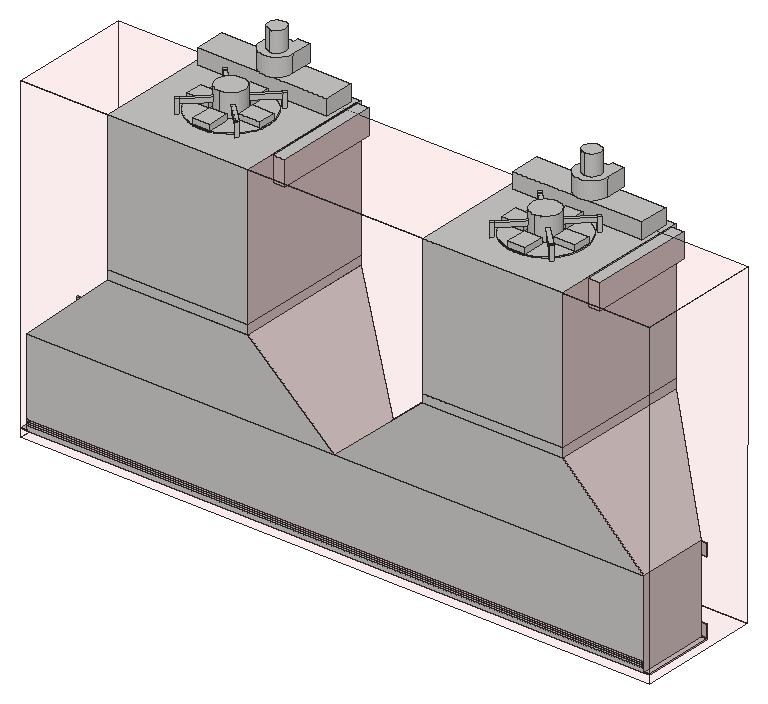
Revit family "Air-Curtain_Climate-Control_PoweredAire_TIG-2Heater", category Mechanical Equipment, host Face, Revit 2020
Family settings
  Host = Face
  Round Connector Dimension = Use Diameter
  Part Type = Normal
  OmniClass Number = 23.75.35.17.21
  OmniClass Title = Air Curtains
  Cut with Voids When Loaded = No
  Shared = No
  Room Calculation Point = No
Parameters (values of type "144'' Nozzle")
  upperrotation [instance] = 0.00°
  lowerrotation [instance] = 0.00°
  locateupperpipe [instance] = 0' - 0"
  locatelowerpipe [instance] = 0' - 0"
  Warranty Duration (Years) = 0
  Unit Width Notes = "Other Widths available."  # constant formula
  Unit Width = 12' - 3 7/32"
  Unit Weight = 1000
  Unit Height = 1' - 4 3/4"
  Unit Depth = 1' - 8 1/4"
  URL = "http://www.poweredaire.com/"
  Test Data = ""
  Standards Conformance = "ETL  ;  Made in USA"
  Specification = "http://www.arcat.com/sdspecs/htm04/23_34_33pai.htm"
  SpecWizard = ""
  Sound Pressure = ">63 dBA"
  Sales Information = "http://www.poweredaire.com/contact_us"
  Revision = "R1_2016-08"
  Projection from Host [instance] = 0' - 2"
  Product Properties = ""
  Product Data = "http://www.arcat.com/arcatcos/cos47/arc47623.html"
  Power Rating = 0 W
  Piping_Water Flow [instance] = 0 GPM
  Piping_Operating Pressure [instance] = 0.00 psi
  Piping_Exit Temperature [instance] = 0 °F
  Piping_Entry Temperature [instance] = 0 °F
  Pipe OD [instance] = 5/8"
  Overall Depth = 6' - 0 3/4"
  Nozzle Width = if(1 = 1, Unit Width - 0' 3", 0' 0")  # 12' - 0 7/32"
  Mounting Width = if(1 = 1, Unit Width - 0' 1 1/2", 0' 0")  # 12' - 1 23/32"
  Mounting Height [instance] = 3' - 6"
  Motor RPM = 1630
  Motor HP = 0.75
  Motor Count = 4
  Model = "TIG-4-144"
  Max Height = 12' - 0"
  Manufacturer Website = "http://www.poweredaire.com/"
  Manufacturer Phone - Toll Free = "888-321-2473"
  Manufacturer Phone = "724-588-3305"
  Manufacturer Fax = "724-588-3371"
  Manufacturer Address = "109 Mortensen Rd.  Greenville, PA 16125"
  Manufacturer = "Powered Aire, Inc"
  Maintenance Schedule (Months) = 0
  Keynote = "23 34 33"
  Installation-Fabrication = ""
  Installation Phase = ""
  Include Clearance [instance] = yes
  Heating Element Load = 0 W
  Heater Weight = 0
  Heater Hanging Width = 2' - 6 5/8"
  Heater Finish [instance] = Metal - Steel - PoweredAire - Stainless 304
  HVAC_Temperature Rise = 36 °F
  HVAC_Primary CFM = 0 CFM
  HVAC_Outlet Volume = 10200 CFM
  HVAC_Outlet Velocity Uniformity = 0.95
  HVAC_Outlet Velocity = 3700 FPM
  HVAC_Exit Temperature [instance] = 0 °F
  HVAC_BTU Output = 400000.0 Btu/h
  HVAC_BTU Input = 250000.0 Btu/h
  Green Building-LEED = "http://www.arcat.com/green/clients/leed_data_47623.html"
  Gas Connection Diameter [instance] = 0"
  Frame Finish [instance] = Metal - Steel - PoweredAire - Stainless 304
  Expected Lifespan (Years) = 0
  Exhaust Connection Diameter = 0' - 5"
  Electrical_Wattage [instance] = Power Rating + Heating Element Load  # 0 W
  Electrical_Voltage [instance] = 0 V
  Electrical_Phase [instance] = 1
  Electrical_Frequency [instance] = 0 Hz
  Electrical_Amperage [instance] = 0 A
  Drawn By = "Sumex Design, Inc. / Robert S. Weygant, CSI, CDT, SCIP"
  Description = "Powered Aire Indirect Gas Heated Climate Control Air Curtain - TIG-4-144 as Specified"
  Default Elevation = 0' - 0"  # constant formula
  Copyright = "©Arcat Inc."
  Construction Details = "http://www.arcat.com/details/powair/prod3336.html"
  Clearance_Top [instance] = 1' - 0"
  Clearance_Side B [instance] = 0' - 0"
  Clearance_Side A [instance] = 0' - 0"
  Clearance_Intake [instance] = 0' - 0"
  Clearance_Bottom [instance] = 0' - 0"
  Clearance Material [instance] = ARCAT Clearance
  Building Codes = ""
  Available Options [instance] = "as Specified"
  Assembly Code = "D3090400"
Types (3): name | Unit Width | Unit Weight | Nozzle Width | Mounting Width | Motor Count | Model | HVAC_Temperature Rise | HVAC_Outlet Volume | HVAC_Outlet Velocity Uniformity | HVAC_Outlet Velocity | HVAC_BTU Output | HVAC_BTU Input | Description
  144'' Nozzle | 12' - 3 7/32" | 1000 | 12' - 0 7/32" | 12' - 1 23/32" | 4 | "TIG-4-144" | 36 °F | 10200 CFM | 0.95 | 3700 FPM | 400000.0 Btu/h | 250000.0 Btu/h | "Powered Aire Indirect Gas Heated Climate Control Air Curtain - TIG-4-144 as Specified"
  132'' Nozzle | 11' - 3 5/32" | 830 | 11' - 0 5/32" | 11' - 1 21/32" | 3 | "TIG-3-132" | 39 °F | 7600 CFM | 0.94 | 2800 FPM | 320000.0 Btu/h | 200000.0 Btu/h | "Powered Aire Indirect Gas Heated Climate Control Air Curtain - TIG-3-132 as Specified"
  120'' Nozzle | 10' - 3 5/32" | 680 | 10' - 0 5/32" | 10' - 1 21/32" | 3 | "TIG-3-120" | 39 °F | 7600 CFM | 0.95 | 3200 FPM | 320000.0 Btu/h | 200000.0 Btu/h | "Powered Aire Indirect Gas Heated Climate Control Air Curtain - TIG-3-120 as Specified"
Reference planes (in)
  plane 1 "Center (Elevation)": y = 0.13818
  plane 2: z = 0
  plane 3 "Center (Left/Right)": x = 0
  plane 4 "Top": y = 8.51318
  plane 5: y = -8.23682
  plane 6: x = -73.60937
  plane 7: x = 73.60938
  plane 8 "Front": z = 22.25
  plane 9 "FF": y = -41.86182
  plane 10: z = 2
  plane 11: x = 72.10937
  plane 12: x = -72.10937
  plane 13: y = 20.51318
  plane 14: y = -8.23682
  plane 15: x = -73.60937
  plane 16: x = 73.60938
  plane 17: z = 74.75
  plane 18: x = 72.04688
  plane 19: x = -72.04687
  plane 20: x = 72.10937
  plane 21: x = 72.10937
  plane 22: y = 6.01318
  plane 23: y = -5.73682
  plane 24: z = 74.75
  plane 25: z = 42.25
  plane 26: z = 40.25
  plane 27: x = -52.11719
  plane 28: x = -21.49219
  plane 29: x = -53.17969
  plane 30: x = -20.42969
  plane 31: x = 21.49219
  plane 32: x = 52.11719
  plane 33: x = 20.42969
  plane 34: x = 53.17969
  plane 35: x = -36.80469
  plane 36: x = 36.80469
Forms (in)
  Extrusion 1, solid, material "Metal - Steel - PoweredAire - Stainless 304" <- "Frame Finish"
    sketch origin (0, 0, 0) x (0, 1, 0) y (0, 0, 1)
      loop
        line (-8.23682, 2) -> (8.51318, 2) -> (8.51318, 22.25) -> (-8.23682, 22.25) -> (-8.23682, 2)
    from -72.10937 to 72.10937
  Extrusion 2, solid, material "ARCAT Clearance" <- "Clearance Material", visible <- "Include Clearance"
    sketch origin (0, 0, 0) x (0, 1, 0) y (0, 0, 1)
      loop
        line (-8.23682, 74.75) -> (-8.23682, 0) -> (20.51318, 0) -> (20.51318, 74.75) -> (-8.23682, 74.75)
    from -73.60938 to 73.60937
  Extrusion 3, solid, material "Metal - Steel - PoweredAire - Stainless 304" <- "Frame Finish"
    sketch origin (-15.17702, -180, 2) x (-1, 0, 0) y (0, -1, 0)
      loop
        line (-87.2864, -188.51318) -> (-87.2864, -171.76318) -> (-88.7864, -171.76318) -> (-88.7864, -188.51318) -> (-87.2864, -188.51318)
      loop
        line (56.93235, -188.51318) -> (58.43235, -188.51318) -> (58.43235, -171.76318) -> (56.93235, -171.76318) -> (56.93235, -188.51318)
    from 0 to 0.125
  Extrusion 4, solid, material "Metal - Steel - PoweredAire - Stainless 304" <- "Frame Finish"
    sketch origin (-11.83813, 8.51318, 48) x (-1, 0, 0) y (0, 0, 1)
      loop
        line (-83.9475, -45.5) -> (-83.9475, -42.75) -> (-85.4475, -42.75) -> (-85.4475, -45.5) -> (-83.9475, -45.5)
      loop
        line (-83.9475, -28.5) -> (-83.9475, -25.75) -> (-85.4475, -25.75) -> (-85.4475, -28.5) -> (-83.9475, -28.5)
      loop
        line (60.27125, -45.5) -> (61.77125, -45.5) -> (61.77125, -42.75) -> (60.27125, -42.75) -> (60.27125, -45.5)
      loop
        line (60.27125, -28.5) -> (61.77125, -28.5) -> (61.77125, -25.75) -> (60.27125, -25.75) -> (60.27125, -28.5)
    from 0 to -0.125
  Extrusion 5, void
    sketch origin (0, 0, 0) x (0, 1, 0) y (0, 0, 1)
      loop
        line (-8.23682, 3) -> (-7.23682, 3) -> (-7.23682, 4.5) -> (-8.23682, 4.5) -> (-8.23682, 3.82425) -> (-7.38364, 3.82425) -> (-7.38364, 3.57425) -> (-8.23682, 3.57425) -> (-8.23682, 3)
    from -72.04687 to 72.04687
  Blend 6, solid, material "Metal - Steel - PoweredAire - Stainless 304" <- "Frame Finish"
    base sketch origin (-15.17702, -180, 22.25) x (-1, 0, 0) y (0, -1, 0)
      loop
        line (56.93235, -188.51318) -> (56.93235, -171.76318) -> (-15.17702, -171.76318) -> (-15.17702, -188.51318) -> (56.93235, -188.51318)
    top sketch origin (-15.17702, -180, 22.25) x (-1, 0, 0) y (0, -1, 0)
      loop
        line (38.00267, -171.76318) -> (5.25267, -171.76318) -> (5.25267, -204.76318) -> (38.00267, -204.76318) -> (38.00267, -171.76318)
    from 0 to 18
  Blend 7, solid, material "Metal - Steel - PoweredAire - Stainless 304" <- "Frame Finish"
    base sketch origin (15.17702, -180, 22.25) x (1, 0, 0) y (0, 1, 0)
      loop
        line (56.93235, 188.51318) -> (-15.17702, 188.51318) -> (-15.17702, 171.76318) -> (56.93235, 171.76318) -> (56.93235, 188.51318)
    top sketch origin (15.17702, -180, 22.25) x (1, 0, 0) y (0, 1, 0)
      loop
        line (38.00267, 171.76318) -> (38.00267, 204.76318) -> (5.25267, 204.76318) -> (5.25267, 171.76318) -> (38.00267, 171.76318)
    from 0 to 18
Cuts and joins
  Extrusion 5 cuts Extrusion 1
Dimensions and locks (in)
  equal spacing: plane 4 "Top", plane 1 "Center (Elevation)", plane 5
  "Unit Height": plane 4 "Top" to plane 5
  "Unit Width": plane 6 to plane 7
  "Mounting Height": plane 1 "Center (Elevation)" to plane 9 "FF"
  "Projection from Host": plane 10 to level
  "Unit Depth": plane 8 "Front" to plane 10
  locked: plane 6 to plane 12 at 1.5
  locked: plane 11 to plane 7 at 1.5
  "Clearance_Side A": plane 7 to plane 16
  "Clearance_Side B": plane 15 to plane 6
  "Clearance_Top": plane 13 to plane 4 "Top"
  "Clearance_Bottom": plane 5 to plane 14
  "Clearance_Intake": plane 17 to plane 24
  Extrusion 5 sketch curve to Extrusion 5 sketch curve to Extrusion 5 sketch curve to Extrusion 5 sketch curve to plane 10 = 0' - 0.67575" locked, 0' - 0 1/4" locked, 0' - 0.57425" locked, 0' - 1" locked
  plane 5 to Extrusion 5 sketch curve to Extrusion 5 sketch curve = 0' - 0.85319" locked, 0' - 0.14681" locked
  locked: plane 19 to plane 12 at 0.0625
  locked: plane 11 to plane 18 at 0.0625
  "locateupperpipe": plane 20 to plane 11
  "locatelowerpipe": plane 21 to plane 11
  locked: plane 4 "Top" to plane 22 at 2.5
  locked: plane 23 to plane 5 at 2.5
  "Overall Depth": plane 24 to plane 10
  locked: plane 25 to plane 26 at 2
  locked: plane 24 to plane 25 at 32.5
  locked: Blend 6 sketch curve to plane 5 at 33
  Extrusion 4 sketch curve to Extrusion 4 sketch curve to plane 10 = 0' - 2 3/4" locked, 0' - 0 1/2" locked  (x2)
  plane 8 "Front" to Extrusion 4 sketch curve to Extrusion 4 sketch curve = 0' - 0" locked, 0' - 2 3/4" locked  (x2)
  locked: plane 28 to plane 30 at 1.0625
  locked: plane 29 to plane 27 at 1.0625
  locked: plane 32 to plane 34 at 1.0625
  locked: plane 33 to plane 31 at 1.0625
  equal spacing: plane 6, plane 35, plane 3 "Center (Left/Right)", plane 36, plane 7
  equal spacing: plane 27, plane 35, plane 28
  "Heater Hanging Width": plane 27 to plane 28
  equal spacing: plane 31, plane 36, plane 32
  "Heater Hanging Width": plane 31 to plane 32
  locked: Blend 7 sketch curve to plane 5 at 33
  aligned and locked: plane 2 to host face
  aligned and locked: level to host face
  aligned and locked: Extrusion 2 sketch curve to plane 17
  aligned and locked: plane 14 to Extrusion 2 sketch curve
  aligned and locked: level to Extrusion 2 sketch curve
  aligned and locked: Extrusion 2 sketch curve to plane 13
  aligned and locked: plane 16 to Extrusion 2
  aligned and locked: Extrusion 2 to plane 15
  aligned and locked: plane 11 to Extrusion 1
  aligned and locked: Extrusion 1 to plane 12
  aligned and locked: Extrusion 1 sketch curve to plane 8 "Front"
  aligned and locked: plane 24 to nested 1
  aligned and locked: plane 5 to Blend 6 sketch curve
  aligned and locked: plane 12 to Blend 6 sketch curve
  aligned and locked: Blend 6 sketch curve to plane 4 "Top"
  aligned and locked: Blend 6 sketch curve to plane 5
  aligned and locked: plane 26 to Blend 6
  aligned and locked: plane 35 to nested 1
  aligned and locked: plane 36 to nested 2
  aligned and locked: plane 24 to nested 2
  aligned and locked: Blend 6 sketch curve to plane 3 "Center (Left/Right)"
  aligned and locked: Blend 6 sketch curve to plane 29
  aligned and locked: plane 30 to Blend 6 sketch curve
  aligned and locked: Blend 7 sketch curve to plane 5  (x2)
  aligned and locked: Blend 7 sketch curve to plane 3 "Center (Left/Right)"
  aligned and locked: plane 11 to Blend 7 sketch curve
  aligned and locked: Blend 7 sketch curve to plane 4 "Top"
  aligned and locked: plane 33 to Blend 7 sketch curve
  aligned and locked: Blend 7 sketch curve to plane 34
  aligned and locked: plane 18 to cut or joined group of Extrusion 1, Extrusion 5
  aligned and locked: cut or joined group of Extrusion 1, Extrusion 5 to plane 19
Automatic sketch dimensions
  host sketch curve to host sketch curve = 8' - 0"  (x2)
  Extrusion 1 sketch curve to plane 5 = 0' - 0"
  Extrusion 1 sketch curve to plane 4 "Top" = 0' - 0"
  Extrusion 1 sketch curve to plane 10 = 0' - 0"
  plane 4 "Top" to Extrusion 3 sketch curve = 0' - 0"
  Extrusion 3 sketch curve to plane 7 = 0' - 0"
  plane 5 to Extrusion 3 sketch curve = 0' - 0"
  Extrusion 3 sketch curve to plane 11 = 0' - 0"
  Extrusion 3 sketch curve to plane 4 "Top" = 0' - 0"
  Extrusion 3 sketch curve to plane 12 = 0' - 0"
  Extrusion 3 sketch curve to plane 6 = 0' - 0"
  Extrusion 3 sketch curve to plane 5 = 0' - 0"
  Extrusion 4 sketch curve to plane 7 = 0' - 0"  (x2)
  Extrusion 4 sketch curve to plane 11 = 0' - 0"  (x2)
  Extrusion 4 sketch curve to plane 12 = 0' - 0"  (x2)
  Extrusion 4 sketch curve to plane 6 = 0' - 0"  (x2)
  Extrusion 5 sketch curve to plane 5 = 0' - 0"  (x2)
Nested families (in)
  nested 1: "Heater" at (-36.80469, -8.23682, 42.2987) x (1, 0, 0) z (0, 1, 0), finish <- "Heater Finish", burner width <- "Heater Hanging Width", type "Heater"
    with finish Metal - Steel - PoweredAire - Stainless 304, burner width 2' - 6 5/8", Two Fan no, One Fan yes
  nested 2: "Heater" at (36.80469, -8.23682, 42.2987) x (1, 0, 0) z (0, 1, 0), finish <- "Heater Finish", burner width <- "Heater Hanging Width", type "Heater"
    with finish Metal - Steel - PoweredAire - Stainless 304, burner width 2' - 6 5/8", Two Fan no, One Fan yes
Connectors (in)
  electrical at (-72.10937, 0.13818, 12.125), driven by "Electrical_Voltage", driven by "Electrical_Phase"
    settings: on cut or joined group of Extrusion 1, Extrusion 5, index 3, voltage 0 V, apparent load 0 VA, apparent load phase1 0 VA, apparent load phase2 0 VA, apparent load phase3 0 VA, power factor 1, load classification "Motor", number of poles 1, system type 31, power factor state 1, is connector primary yes, connector utility no, sub classification motor no, connector description ""
  hvac at (-33.80469, 24.76318, 80.40625), driven by "Exhaust Connection Diameter", driven by "HVAC_Primary CFM"
    settings: on nested 1, index 4, duct flow 0 CFM, flow factor 0, pres drop 0.00 in-wg, loss coef 0, conn angle 0.00°, conn width 12", conn height 12", conn diameter 5", duct sys type 3, conn prof type 0, flow config 0, flow direction 2, loss method 0, conn ref index -1, conn util no, is conn primary yes, conn desc ""
  hvac at (39.80469, 24.76318, 80.40625), driven by "HVAC_Primary CFM", driven by "Exhaust Connection Diameter"
    settings: on nested 2, index 5, duct flow 0 CFM, flow factor 0, pres drop 0.00 in-wg, loss coef 0, conn angle 0.00°, conn width 12", conn height 12", conn diameter 5", duct sys type 3, conn prof type 0, flow config 0, flow direction 2, loss method 0, conn ref index -1, conn util no, is conn primary no, conn desc ""
Definition of nested family "Heater"
  Parameters
    finish [instance] = none
    burner width [instance] = 4' - 0 5/8"
    burner depth = 3' - 8 3/4"
    Two Fan [instance] = burner width > 4' 0"  # yes
    One Fan [instance] = burner width < 4' 0"  # no
    Default Elevation = 0' - 0"  # constant formula
  Reference planes (in)
    plane 1 "Center (Front/Back)": y = 0
    plane 2: z = 0
    plane 3 "Center (Left/Right)": x = 0
    plane 4: x = -25.375
    plane 5: x = 25.375
    plane 6: z = 33
    plane 7: y = -44.75
    plane 8: x = 3
    plane 9: x = 4.375
    plane 10: x = -12.6875
    plane 11: x = 12.6875
    plane 12: z = 15.5
    plane 13: x = -24.3125
    plane 14: x = 24.3125
  Forms (in)
    Extrusion 1, solid, material <- "finish"
      sketch origin (-74.94554, -3, 38.65968) x (0, 0, 1) y (1, 0, 0)
        loop
          line (-5.65968, 49.57054) -> (-5.65968, 100.32054) -> (-38.65968, 100.32054) -> (-38.65968, 49.57054) -> (-5.65968, 49.57054)
      from 3 to -29.4513
    Extrusion 2, solid, material <- "finish"
      sketch origin (0, 0, 0) x (0, 1, 0) y (0, 0, 1)
        loop
          line (2, 0) -> (2, 33) -> (0, 33) -> (0, 0) -> (2, 0)
      from -25.375 to 25.375
    Extrusion 3, solid, material <- "finish"
      sketch origin (-74.94554, -32.4513, 38.65968) x (0, 0, 1) y (1, 0, 0)
        loop
          line (-6.91591, 50.82971) -> (-6.91591, 99.10844) -> (-13.91591, 99.10844) -> (-13.91591, 50.82971) -> (-6.91591, 50.82971)
      from 0 to -3.625
    Extrusion 4, solid, material <- "finish"
      sketch origin (-74.94554, -36.0763, 38.65968) x (0, 0, 1) y (1, 0, 0)
        loop
          arc (-10.4052, 79.32054) -> (-12.67312, 72.60509) -> (-6.79809, 76.57054) r 3.74068
          line (-6.79809, 76.57054) -> (-5.65968, 76.57054) -> (-5.65968, 79.32054) -> (-10.4052, 79.32054)
      from 0 to -4.0625
    Extrusion 5, solid, material <- "finish"
      sketch origin (-73.58006, -40.1388, 35.52564) x (0, 0, -1) y (1, 0, 0)
        loop
          circle (7.27116, 74.21438) r 2
      from 4.6112 to 0
    Extrusion 6, solid, material <- "finish"
      sketch origin (0, 0, 0) x (1, 0, 0) y (0, 1, 0)
        loop
          line (28.3125, -32.4513) -> (28.3125, -26.7013) -> (25.3125, -26.7013) -> (25.3125, -32.4513) -> (28.3125, -32.4513)
      from 7.25 to 31.75
    Extrusion 7, solid, material <- "finish", visible <- "Two Fan"
      sketch origin (0, 0, 0) x (0, 1, 0) y (0, 0, 1)
        loop
          line (-32.4513, 6.22268) -> (-44.15658, 5.1986) -> (-44.15658, 4.4486) -> (-32.4513, 4.85736) -> (-32.4513, 6.22268)
      from -25.375 to 25.375
  Dimensions and locks (in)
    locked: Extrusion 4 sketch curve to Extrusion 4 sketch curve at 2.75
    "burner width": plane 13 to plane 14
    locked: plane 6 to level at 33
    "burner depth": plane 7 to plane 1 "Center (Front/Back)"
    locked: plane 8 to plane 9 at 1.375
    Extrusion 4 sketch curve to Extrusion 4 sketch curve to plane 8 = 0' - 0.99068" locked, 0' - 1 3/8" locked
    locked: Extrusion 5 sketch curve to plane 8 at 2.36568
    locked: plane 8 to plane 3 "Center (Left/Right)" at 3
    Extrusion 6 sketch curve to plane 5 to Extrusion 6 sketch curve = 0' - 0 1/16" locked, 0' - 2 15/16" locked
    equal spacing: plane 5, plane 11, plane 3 "Center (Left/Right)", plane 10, plane 4
    locked: plane 4 to plane 13 at 1.0625
    locked: plane 14 to plane 5 at 1.0625
    aligned and locked: plane 2 to level
    aligned: Extrusion 4 to Extrusion 5
    aligned: Extrusion 3 to Extrusion 2  (x2)
    aligned and locked: plane 7 to Extrusion 5
    aligned and locked: plane 4 to Extrusion 1 sketch curve
    aligned and locked: Extrusion 1 sketch curve to plane 5
    aligned and locked: Extrusion 7 to plane 4
    aligned and locked: plane 5 to Extrusion 7
    aligned and locked: plane 12 to nested 1
    aligned and locked: plane 3 "Center (Left/Right)" to nested 1
    aligned and locked: plane 12 to nested 3
    aligned and locked: plane 11 to nested 3
    aligned and locked: plane 10 to nested 2
    aligned and locked: plane 12 to nested 2
    aligned and locked: plane 5 to Extrusion 2
    aligned and locked: Extrusion 2 to plane 4
  Automatic sketch dimensions
    Extrusion 1 to Extrusion 3 sketch curve = 0' - 1.25917"
    Extrusion 1 to Extrusion 3 sketch curve = 0' - 8.25624"
    Extrusion 1 to Extrusion 3 sketch curve = 0' - 1.2121"
    Extrusion 1 to Extrusion 3 sketch curve = 0' - 1.25624"
    Extrusion 4 sketch curve to Extrusion 3 = 0' - 0.11782"
    Extrusion 4 sketch curve to Extrusion 3 = 0' - 1.25624"
    Extrusion 5 sketch curve to Extrusion 4 = 0' - 4.74552"
    Extrusion 1 sketch curve to level = 0' - 0"
    Extrusion 1 sketch curve to plane 6 = 0' - 0"
    Extrusion 2 sketch curve to level = 0' - 0"
    Extrusion 2 sketch curve to plane 1 "Center (Front/Back)" = 0' - 0"
    Extrusion 2 sketch curve to plane 6 = 0' - 0"
    Extrusion 2 sketch curve to Extrusion 2 sketch curve = 0' - 2"
    Extrusion 6 sketch curve to plane 7 = 1' - 0.2987"
    Extrusion 6 sketch curve to Extrusion 6 sketch curve = 0' - 5 3/4"
    Extrusion 7 sketch curve to plane 7 = 0' - 0.59342"
    level to Extrusion 7 sketch curve = 0' - 4.4486"
    Extrusion 7 sketch curve to Extrusion 7 sketch curve = 0' - 0 3/4"
    level to Extrusion 7 sketch curve = 0' - 4.85736"
    Extrusion 7 sketch curve to Extrusion 7 sketch curve = 0' - 11.70529"
    Extrusion 7 sketch curve to Extrusion 7 sketch curve = 0' - 1.36532"
    radius of Extrusion 5 sketch curve = 0' - 2"
  Nested families (in)
    nested 1: "FanControls" at (0, -32.4513, 15.5) x (1, 0, 0) z (0, -1, 0), finish <- "finish", visible <- "One Fan", type "FanControls"
      with finish none
    nested 2: "FanControls" at (-12.6875, -32.4513, 15.5) x (1, 0, 0) z (0, -1, 0), finish <- "finish", visible <- "Two Fan", type "FanControls"
      with finish none
    nested 3: "FanControls" at (12.6875, -32.4513, 15.5) x (1, 0, 0) z (0, -1, 0), finish <- "finish", visible <- "Two Fan", type "FanControls"
      with finish none
  Definition of nested family "FanControls"
    Parameters
      finish [instance] = none
      Default Elevation = 4' - 0"
    Reference planes (in)
      plane 1 "Center (Front/Back)": y = 0
      plane 2: z = 0
      plane 3 "Center (Left/Right)": x = 0
    Forms (in)
      Extrusion 1, solid, material <- "finish"
        sketch origin (-75.00804, 32.07233, 0) x (1, 0, 0) y (0, -1, 0)
          loop
            circle (75.00804, 32.07233) r 3.25
        from -5.33075 to 0
      Extrusion 2, solid, material <- "finish"
        sketch origin (24.44581, -78.06044, 0) x (1, 0, 0) y (0, -1, 0)
          loop
            line (-22.50831, -86.58776) -> (-22.50831, -81.58776) -> (-26.50831, -81.58776) -> (-26.50831, -86.58776) -> (-22.50831, -86.58776)
          loop
            line (-22.50831, -69.53312) -> (-26.50831, -69.53312) -> (-26.50831, -74.53312) -> (-22.50831, -74.53312) -> (-22.50831, -69.53312)
          loop
            line (-15.98099, -76.06044) -> (-20.98099, -76.06044) -> (-20.98099, -80.06044) -> (-15.98099, -80.06044) -> (-15.98099, -76.06044)
          loop
            line (-33.03563, -76.06044) -> (-33.03563, -80.06044) -> (-28.03563, -80.06044) -> (-28.03563, -76.06044) -> (-33.03563, -76.06044)
        from 0 to -1.37288
      Extrusion 3, solid, material <- "finish"
        sketch origin (-75.00804, 21.40968, 0) x (1, 0, 0) y (0, -1, 0)
          loop
            line (68.02536, 14.95733) -> (68.55569, 14.427) -> (75.00804, 20.87935) -> (81.46039, 14.427) -> (81.99072, 14.95733) -> (75.53837, 21.40968) -> (81.99072, 27.86203) -> (81.46039, 28.39236) -> (75.00804, 21.94001) -> (68.55569, 28.39236) -> (68.02536, 27.86203) -> (74.47771, 21.40968) -> (68.02536, 14.95733)
        from -3.1123 to -2
      Extrusion 4, solid, material <- "finish"
        sketch origin (-75.00804, 21.40968, 0) x (1, 0, 0) y (0, -1, 0)
          loop
            line (68.02536, 13.89667) -> (68.55569, 14.427) -> (68.02536, 14.95733) -> (67.49503, 14.427) -> (68.02536, 13.89667)
          loop
            line (82.52105, 14.427) -> (81.99072, 14.95733) -> (81.46039, 14.427) -> (81.99072, 13.89667) -> (82.52105, 14.427)
          loop
            line (81.99072, 28.92269) -> (81.46039, 28.39236) -> (81.99072, 27.86203) -> (82.52105, 28.39236) -> (81.99072, 28.92269)
          loop
            line (67.49503, 28.39236) -> (68.02536, 27.86203) -> (68.55569, 28.39236) -> (68.02536, 28.92269) -> (67.49503, 28.39236)
        from 0 to -3.1123
      Extrusion 5, solid, material <- "finish"
        sketch origin (0, 0, 0) x (1, 0, 0) y (0, 1, 0)
          loop
            circle (0, 0) r 9
        from 0 to 0.14961
    Dimensions and locks (in)
      Extrusion 4 sketch curve to Extrusion 4 sketch curve to Extrusion 4 sketch curve to Extrusion 4 sketch curve = 0' - 0.53033" locked, 0' - 0" locked, 0' - 0.53033" locked  (x4)
      Extrusion 3 sketch curve to Extrusion 3 sketch curve to Extrusion 3 sketch curve to Extrusion 3 sketch curve to Extrusion 3 sketch curve = 0' - 5.92202" locked, 0' - 0" locked, 0' - 0.53033" locked, 0' - 0" locked
      Extrusion 3 sketch curve to Extrusion 3 sketch curve to Extrusion 3 sketch curve to Extrusion 3 sketch curve to Extrusion 3 sketch curve = 0' - 0" locked, 0' - 0.53033" locked, 0' - 0" locked, 0' - 5.92202" locked
      locked: Extrusion 2 sketch curve to Extrusion 2 sketch curve at 5  (x2)
      aligned and locked: plane 2 to level
